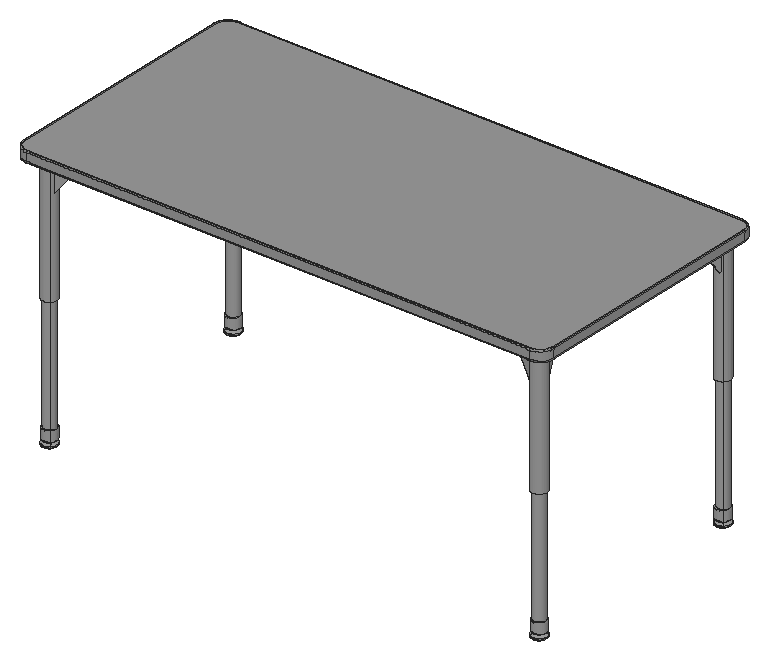
Revit family "Hierarchy Activity 60x30 Rectangle Table", category Furniture, Revit 2018
Family settings
  Work Plane-Based = No
  Always vertical = Yes
  Cut with Voids When Loaded = No
  Shared = No
  Room Calculation Point = No
Parameters
  Table Height = 2' - 5"
  Surface = Hierarchy Activity 60x30 Rectangle Table Surface
  Leg Finish = Hierarchy Leg Platinum
  Edgeband = Hierarchy Activity 60x30 Rectangle Table Edgeband
  Caster/Glider = Hierarchy Leg - Glide : Hierarchy Leg - Glide
Reference planes (in)
  plane 1 "Center (Front/Back)": y = 0
  plane 2: z = 0
  plane 3 "Center (Left/Right)": x = 0
  plane 4: z = 29
Dimensions and locks (in)
  "Table Height": plane 4 to level
  aligned and locked: plane 2 to level
  aligned and locked: nested 1 to plane 4
Nested families (in)
  nested 1: "Activity 60x30 Tabletop" at (0, 0, 5.075), type "Activity 60x30 Tabletop"
  nested 2: "Hierarchy Leg - Glide" at (-27.5, 13, 0) x (0.7071, 0.7071, 0) z (0, 0, 1), type <- "Caster/Glider", Leg Finish <- "Leg Finish", Leg Height <- "Table Height", type "Hierarchy Leg - Glide"
  nested 3: "Hierarchy Leg - Glide" at (-27.5, -13, 0) x (-0.7071, 0.7071, 0) z (0, 0, 1), type <- "Caster/Glider", Leg Finish <- "Leg Finish", Leg Height <- "Table Height", type "Hierarchy Leg - Glide"
  nested 4: "Hierarchy Leg - Glide" at (27.95, -13, 0) x (-0.7071, -0.7071, 0) z (0, 0, 1), Leg Finish <- "Leg Finish", Leg Height <- "Table Height", type "Hierarchy Leg - Glide"
    with Leg Height 2' - 5", Leg Finish Hierarchy Leg Platinum
  nested 5: "Hierarchy Leg - Glide" at (27.95, 13, 0) x (0.7071, -0.7071, 0) z (0, 0, 1), Leg Finish <- "Leg Finish", Leg Height <- "Table Height", type "Hierarchy Leg - Glide"
    with Leg Height 2' - 5", Leg Finish Hierarchy Leg Platinum
Definition of nested family "Activity 60x30 Tabletop"
  Parameters (values of type "Activity 60x30 Tabletop")
    Surface = none
    Edgeband = none
  Reference planes (in)
    plane 1 "Center (Front/Back)": y = 0
    plane 2: z = 0
    plane 3 "Center (Left/Right)": x = 0
  Forms (in)
    Extrusion 1, solid, material <- "Surface"
      sketch origin (0, -3, 0) x (1, 0, 0) y (0, 1, 0)
        loop
          line (28.5, 17.88189) -> (-28.5, 17.88189)
          arc (-28.5, 17.88189) -> (-29.47714, 17.47714) -> (-29.88189, 16.5) r 1.38189
          line (-29.88189, 16.5) -> (-29.88189, -10.5)
          arc (-29.88189, -10.5) -> (-29.47714, -11.47714) -> (-28.5, -11.88189) r 1.38189
          line (-28.5, -11.88189) -> (28.5, -11.88189)
          arc (28.5, -11.88189) -> (29.47714, -11.47714) -> (29.88189, -10.5) r 1.38189
          line (29.88189, -10.5) -> (29.88189, 16.5)
          arc (29.88189, 16.5) -> (29.47714, 17.47714) -> (28.5, 17.88189) r 1.38189
      from 23.925 to 25.125
    Sweep 2, solid, material <- "Edgeband"
      path origin (0, -3, 0) x (1, 0, 0) y (0, 1, 0)
        loop
          line (28.5, 17.88189) -> (-28.5, 17.88189)
          arc (-28.5, 17.88189) -> (-29.47714, 17.47714) -> (-29.88189, 16.5) r 1.38189
          line (-29.88189, 16.5) -> (-29.88189, -10.5)
          arc (-29.88189, -10.5) -> (-29.47714, -11.47714) -> (-28.5, -11.88189) r 1.38189
          line (-28.5, -11.88189) -> (28.5, -11.88189)
          arc (28.5, -11.88189) -> (29.47714, -11.47714) -> (29.88189, -10.5) r 1.38189
          line (29.88189, -10.5) -> (29.88189, 16.5)
          arc (29.88189, 16.5) -> (29.47714, 17.47714) -> (28.5, 17.88189) r 1.38189
      profile origin (0, 14.88189, 0) x (0, -1, 0) y (0, 0, 1)
        loop
          arc (0, 25.125) -> (-0.08352, 25.09041) -> (-0.11811, 25.00689) r 0.11811
          line (-0.11811, 25.00689) -> (-0.11811, 24.04311)
          arc (-0.11811, 24.04311) -> (-0.08352, 23.95959) -> (0, 23.925) r 0.11811
          line (0, 23.925) -> (0, 25.125)
  Dimensions and locks (in)
    aligned and locked: plane 2 to level
Definition of nested family "Hierarchy Leg - Glide"
  Parameters (values of type "Hierarchy Leg - Glide")
    Leg Finish [instance] = none
    Leg Height [instance] = 2' - 5"
  Reference planes (in)
    plane 1 "Center (Front/Back)": y = 0
    plane 2: z = 0
    plane 3 "Center (Left/Right)": x = 0
  Forms (in)
    Extrusion 1, solid
      sketch origin (-0.01562, 0, 0) x (1, 0, 0) y (0, 1, 0)
        loop
          circle (0.01563, 0) r 0.67016
      from 0.67618 to 16.17618
    Revolve 2, solid
      sketch origin (0, 0, 0) x (1, 0, 0) y (0, 0, 1)
        loop
          line (-0.73189, 1.80118) -> (-0.79439, 1.73867) -> (-0.79439, 0.61381) -> (-0.73176, 0.55118) -> (-0.125, 0.55118) -> (-0.125, 0.42618) -> (-0.84656, 0.16241) -> (-0.84656, 0.08994) -> (-0.81359, 0) -> (0, 0) -> (0, 1.80118) -> (-0.73189, 1.80118)
        axis (0, 1.80118) -> (0, 0)
      angle from 0 to 360
  Dimensions and locks (in)
    "Leg Height": nested 1 to level
    aligned and locked: plane 2 to level
  Automatic sketch dimensions
    plane 1 "Center (Front/Back)" to Extrusion 1 sketch curve = 0' - 0"
    Extrusion 1 sketch curve to plane 3 "Center (Left/Right)" = 0' - 0"
    Revolve 2 sketch curve to level = 0' - 0"
    Revolve 2 sketch curve to plane 3 "Center (Left/Right)" = 0' - 0"  (x2)
    Revolve 2 sketch curve to plane 3 "Center (Left/Right)" = 0' - 0 1/8"
    Revolve 2 sketch curve to Revolve 2 sketch curve = 0' - 0.60676"
    Revolve 2 sketch curve to Revolve 2 sketch curve = 0' - 0.73189"
    Revolve 2 sketch curve to Revolve 2 sketch curve = 0' - 0.06263"  (x2)
    Revolve 2 sketch curve to Revolve 2 sketch curve = 0' - 0.08183"
    Revolve 2 sketch curve to Revolve 2 sketch curve = 0' - 0.03297"
    level to Revolve 2 sketch curve = 0' - 0.08994"
    Revolve 2 sketch curve to Revolve 2 sketch curve = 0' - 0.07247"
    level to Revolve 2 sketch curve = 0' - 0.42618"
    Revolve 2 sketch curve to Revolve 2 sketch curve = 0' - 0 1/8"
    Revolve 2 sketch curve to Revolve 2 sketch curve = 0' - 1.12486"
    Revolve 2 sketch curve to Revolve 2 sketch curve = 0' - 0 1/16"
    Revolve 2 sketch curve to level = 2' - 0"
    Revolve 2 sketch curve to Revolve 2 sketch curve = 8' - 4.91764"
    radius of Extrusion 1 sketch curve = 0' - 0.67016"
  Nested families (in)
    nested 1: "Hierarchy Upper Leg 2023" at (0, 0, 1.19783), Shapes Leg Finish <- "Leg Finish", type "Hierarchy Upper Leg 2023"
      with Shapes Leg Finish none
  Definition of nested family "Hierarchy Upper Leg 2023"
    Parameters (values of type "Hierarchy Upper Leg 2023")
      Shapes Leg Finish [instance] = none
    Reference planes (in)
      plane 1 "Center (Front/Back)": y = 0
      plane 2: z = 0
      plane 3 "Center (Left/Right)": x = 0
    Forms (in)
      Extrusion 1, solid, material <- "Shapes Leg Finish"
        sketch origin (0, 0, 0) x (1, 0, 0) y (0, 1, 0)
          loop
            circle (0, 0) r 0.84802
        from 13.67618 to 27.67618
      Extrusion 2, solid, material <- "Shapes Leg Finish"
        sketch origin (0, 0, 0) x (1, 0, 0) y (0, 1, 0)
          loop
            line (-1.70174, 0.19183) -> (-2.88626, -2.26116)
            arc (-2.88626, -2.26116) -> (-2.83993, -3.09822) -> (-2.1063, -3.50394) r 0.86614
            line (-2.1063, -3.50394) -> (2.1063, -3.50394)
            arc (2.1063, -3.50394) -> (2.83993, -3.09822) -> (2.88626, -2.26116) r 0.86614
            line (2.88626, -2.26116) -> (1.70174, 0.19183)
            arc (1.70174, 0.19183) -> (0, 1.25984) -> (-1.70174, 0.19183) r 1.88976
        from 27.67618 to 27.80217
      Extrusion 3, solid, material <- "Shapes Leg Finish"
        sketch origin (-1.48519, 8.66524, 0) x (-0.434844, 0.900506, 0) y (0, 0, 1)
          loop
            line (-9.01425, 27.67618) -> (-11.80952, 27.67618)
            arc (-11.80952, 27.67618) -> (-11.92325, 27.58993) -> (-11.87088, 27.45715) r 0.11811
            arc (-11.87088, 27.45715) -> (-10.39364, 26.29679) -> (-9.23328, 24.81955) r 7.87402
            arc (-9.23328, 24.81955) -> (-9.1005, 24.76717) -> (-9.01425, 24.88091) r 0.11811
            line (-9.01425, 24.88091) -> (-9.01425, 27.67618)
        from -1.94075 to -1.81476
      Extrusion 4, solid, material <- "Shapes Leg Finish"
        sketch origin (1.48519, 8.66524, 0) x (0.434844, 0.900506, 0) y (0, 0, -1)
          loop
            line (-9.01425, -27.67618) -> (-9.01425, -24.88091)
            arc (-9.01425, -24.88091) -> (-9.1005, -24.76717) -> (-9.23328, -24.81955) r 0.11811
            arc (-9.23328, -24.81955) -> (-10.39364, -26.29679) -> (-11.87088, -27.45715) r 7.87402
            arc (-11.87088, -27.45715) -> (-11.92325, -27.58993) -> (-11.80952, -27.67618) r 0.11811
            line (-11.80952, -27.67618) -> (-9.01425, -27.67618)
        from -1.94075 to -1.81476
    Dimensions and locks (in)
      aligned and locked: plane 2 to level
